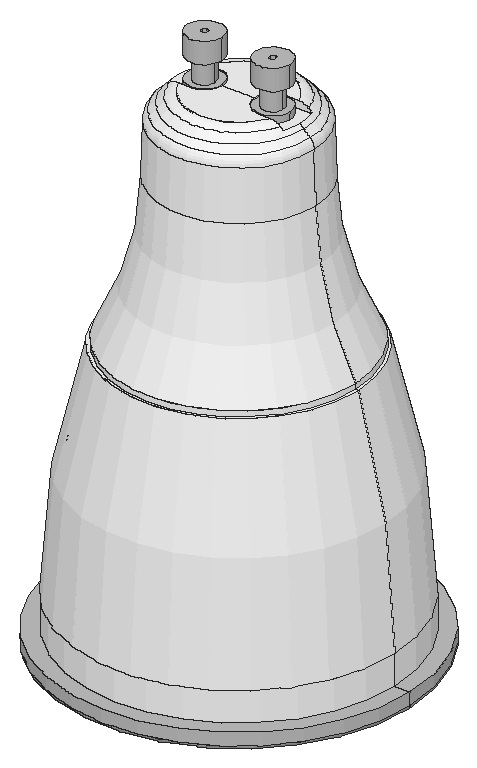
Revit family "STH7535_27", category Luminárias, Revit 2023
Family settings
  Cota do conector redondo = Utilizar diâmetro
  Tipo de parte = Normal
  Com base no plano de trabalho = Não
  Sempre na vertical = Sim
  Corte com vazios quando carregada = Não
  Fonte luminosa = Sim
  Manter orientação da anotação = Não
  Compartilhado = Não
  Ponto de cálculo do ambiente = Não
Parameters (values of type "STH7535/27 - BIVOLT - 2700K - 450lm - 36°")
  Ângulo de inclinação = 90.00°
  Ângulo de Abertura = "36°"
  Wattage = 3.02945 W
  URL = "https://stella.com.br/"
  Troca de temperatura da cor de lâmpada com esmaecimento = <Nenhum>
  Tensão Elétrica = "100V-240V"
  built-in parameter 1150107 = 2700 (stored number, unit not read)
  Temperatura da cor (K) = 2700 K
  Referência = "STH7535/27"
  Potência = 7 W
  built-in parameter 1150110 = 1 (stored number, unit not read)
  built-in parameter 1150109 = 1 (stored number, unit not read)
  built-in parameter 1114218 = 1 (stored number, unit not read)
  built-in parameter 1150112 = 1 (stored number, unit not read)
  built-in parameter 1150113 = 1 (stored number, unit not read)
  built-in parameter 1150132 = 2
  built-in parameter 1150137 = (empty or 0)
  Modelo = "Dicroica MR16 Evo - Dimerizável BDT"
  Luminoso [instance] = Luminoso - 2700
  built-in parameter 1150106 = 0.3581 (stored number, unit not read)
  built-in parameter 1150102 = (empty or 0)
  built-in parameter 1150105 = 35.81 (stored number, unit not read)
  IRC (Índice de reprodução de cores) = ">90 (R9 >50)"
  Grau de proteção (IP) = "IP20"
  Fluxo Luminoso = 450 lm
  Color Filter = 16777215
  built-in parameter 1114217 = 1 (stored number, unit not read)
  built-in parameter 1150139 = (empty or 0)
  Fabricante = "Stella"
  Estrutura [instance] = Al - Branco
  Default Elevation = 0.00 m
  built-in parameter 1150104 = 13.8 (stored number, unit not read)
  Diâmetro = 0.05 m
  Dimerização = "20-100%"
  built-in parameter 1150115 = 1 (stored number, unit not read)
  built-in parameter 1150114 = 1 (stored number, unit not read)
  Cromado [instance] = Cromado
  Lumens = 450 lm
  built-in parameter 1150138 = (empty or 0)
  built-in parameter 1150134 = (empty or 0)
  Arquivo de rede fotométrica = "STELLA - STH7535-27 - DICROICA EVO 7W BDT.ies"
  Altura = 0.078 m
  built-in parameter 1150133 = 10 (stored number, unit not read)
Reference planes (m)
  plane 1 "Centro (Frente/Trás)": y = 0
  plane 2: z = 0
  plane 3 "Centro (Esquerda/Direita)": x = 0
  plane 4: x = 0.025
  plane 5: x = -0.025
  plane 6 "Superior": z = 0.0757
  plane 7 "Base": z = -0.0023
  plane 8: y = 0.025
  plane 9: y = -0.025
Forms (m)
  Extrusion 1, solid, material "Cromado" <- "Cromado"
    sketch origin (0, 0, 0) x (1, 0, 0) y (0, 1, 0)
      loop
        circle (-0.005, 0) r 0.0015
    from 0.0699 to 0.0731
  Extrusion 2, solid, material "Cromado" <- "Cromado"
    sketch origin (0, 0, 0) x (1, 0, 0) y (0, 1, 0)
      loop
        circle (-0.005, 0) r 0.0025
    from 0.0761 to 0.0731
  Extrusion 3, solid, material "Cromado" <- "Cromado"
    sketch origin (0, 0, 0) x (-1, 0, 0) y (0, -1, 0)
      loop
        circle (-0.005, 0) r 0.0015
    from 0.0699 to 0.0731
  Extrusion 4, solid, material "Cromado" <- "Cromado"
    sketch origin (0, 0, 0) x (-1, 0, 0) y (0, -1, 0)
      loop
        circle (-0.005, 0) r 0.0025
    from 0.0761 to 0.0731
  Extrusion 5, void
    sketch origin (0, 0, 0) x (-1, 0, 0) y (0, -1, 0)
      loop
        circle (-0.005, 0) r 0.00045
    from 0.0699 to 0.0761
  Extrusion 6, void
    sketch origin (-0.002358, -0.129323, 0) x (-1, 0, 0) y (0, -1, 0)
      loop
        arc (-0.004652, -0.129323) -> (-0.005426, -0.127455) -> (-0.007295, -0.126681) r 0.002642
        line (-0.007295, -0.126681) -> (-0.011212, -0.126681)
        arc (-0.011212, -0.126681) -> (-0.011382, -0.128082) -> (-0.01143, -0.129493) r 0.016069
        arc (-0.01143, -0.129493) -> (-0.011368, -0.130733) -> (-0.011212, -0.131966) r 0.016069
        line (-0.011212, -0.131966) -> (-0.007295, -0.131966)
        arc (-0.007295, -0.131966) -> (-0.005426, -0.131192) -> (-0.004652, -0.129323) r 0.002642
    from 0.0689 to 0.0699
  Revolve 7, solid, material "Cromado" <- "Cromado"
    sketch origin (0, 0, 0) x (1, 0, 0) y (0, 0, 1)
      loop
        arc (0.015109, 0.010589) -> (0.011896, 0.018101) -> (0.007601, 0.025052) r 0.054778
        line (0.007601, 0.025052) -> (0.006653, 0.026) -> (0.005, 0.026) -> (0.004434, 0.026566) -> (0.004434, 0.027366) -> (0.0035, 0.027366) -> (0.0035, 0.026195) -> (0.0045, 0.025195) -> (0.006359, 0.025195)
        arc (0.006359, 0.025195) -> (0.013282, 0.012155) -> (0.017849, -0.001885) r 0.085222
        spline (0.017849, -0.001885) -> (0.017863, -0.001942) -> (0.017882, -0.001997) -> (0.017908, -0.002049) -> (0.01794, -0.002098) -> (0.017978, -0.002142) -> (0.01802, -0.002182) -> (0.018067, -0.002217) -> (0.018117, -0.002247) -> (0.018171, -0.00227) -> (0.018227, -0.002286) -> (0.018284, -0.002297) -> (0.018342, -0.0023)
        line (0.018342, -0.0023) -> (0.0245, -0.0023)
        arc (0.0245, -0.0023) -> (0.024854, -0.002154) -> (0.025, -0.0018) r 0.0005
        line (0.025, -0.0018) -> (0.025, 0) -> (0.0213, 0) -> (0.0213, 0.003) -> (0.0203, 0.003) -> (0.0203, 0) -> (0.018767, 0)
        arc (0.018767, 0) -> (0.017911, 0.00272) -> (0.017013, 0.005426) r 0.188404
        arc (0.017013, 0.005426) -> (0.016103, 0.008022) -> (0.015109, 0.010589) r 0.139026
      axis (0, 0.027366) -> (0, -0.0023)
    angle from 0 to 360
  Revolve 8, solid, material "Al - Branco" <- "Estrutura"
    sketch origin (0, 0, 0) x (1, 0, 0) y (0, 0, 1)
      loop
        arc (0.02275, 0.0042) -> (0.021429, 0.020759) -> (0.0175, 0.0369) r 0.104462
        line (0.0175, 0.0369) -> (0.016471, 0.0369) -> (0.017115, 0.034821)
        arc (0.017115, 0.034821) -> (0.020626, 0.019412) -> (0.021749, 0.003647) r 0.103462
        line (0.021749, 0.003647) -> (0.021749, 0) -> (0.02275, 0) -> (0.02275, 0.0042)
      axis (0, 0.0369) -> (0, 0)
    angle from 0 to 360
  Revolve 9, solid, material "Luminoso - 2700" <- "Luminoso"
    sketch origin (0, 0, 0) x (1, 0, 0) y (0, 0, 1)
      loop
        line (-0.00225, 0.0265) -> (0, 0.0265) -> (0, 0.0273) -> (-0.00225, 0.0273) -> (-0.00225, 0.0265)
      axis (0, 0.0273) -> (0, 0.0263)
    angle from 0 to 360
  Revolve 10, solid, material "Luminoso - 2700"
    sketch origin (0, 0, 0) x (1, 0, 0) y (0, 0, 1)
      loop
        line (-0.00325, 0.0268) -> (0, 0.0268) -> (0, 0.0276) -> (-0.00325, 0.0276) -> (-0.00325, 0.0268)
      axis (0, 0.0276) -> (0, 0.0266)
    angle from 0 to 360
  Revolve 11, solid, material "Al - Branco" <- "Estrutura"
    sketch origin (0, 0, 0) x (1, 0, 0) y (0, 0, 1)
      loop
        arc (0.018954, 0.027654) -> (0.01825, 0.028766) -> (0.017006, 0.0292) r 0.002
        line (0.017006, 0.0292) -> (0, 0.0292) -> (0, 0.0282) -> (0.017006, 0.0282)
        arc (0.017006, 0.0282) -> (0.017628, 0.027983) -> (0.01798, 0.027427) r 0.001
        arc (0.01798, 0.027427) -> (0.019094, 0.021981) -> (0.019911, 0.016482) r 0.102362
        arc (0.019911, 0.016482) -> (0.020003, 0.01551) -> (0.020045, 0.014534) r 0.019
        line (0.020045, 0.014534) -> (0.020211, 0.005) -> (0.021211, 0.005) -> (0.021045, 0.014551)
        arc (0.021045, 0.014551) -> (0.021, 0.015578) -> (0.020903, 0.016602) r 0.02
        arc (0.020903, 0.016602) -> (0.020079, 0.022154) -> (0.018954, 0.027654) r 0.103362
      axis (0, 0.0292) -> (0, 0.005)
    angle from 0 to 360
  Extrusion 12, solid, material "Luminoso - 2700" <- "Luminoso"
    sketch origin (0, 0, 0) x (1, 0, 0) y (0, 0, 1)
      loop
        line (0.00675, 0.0273) -> (0.00675, 0.0282) -> (-0.00675, 0.0282) -> (-0.00675, 0.0273) -> (0.00675, 0.0273)
    from -0.00675 to 0.00675
  Revolve 13, solid, material "Al - Branco" <- "Estrutura"
    sketch origin (0, 0, 0) x (1, 0, 0) y (0, 0, 1)
      loop
        arc (0.011019, 0.0661) -> (0.010858, 0.066839) -> (0.010434, 0.067466) r 0.002
        line (0.010434, 0.067466) -> (0.009513, 0.068387) -> (0.008528, 0.069339)
        arc (0.008528, 0.069339) -> (0.007887, 0.069754) -> (0.007138, 0.0699) r 0.002
        line (0.007138, 0.0699) -> (0, 0.0699) -> (0, 0.0684) -> (0.001552, 0.0684) -> (0.00655, 0.0684)
        arc (0.00655, 0.0684) -> (0.007316, 0.068248) -> (0.007964, 0.067814) r 0.002
        line (0.007964, 0.067814) -> (0.009502, 0.066277)
        arc (0.009502, 0.066277) -> (0.009928, 0.065644) -> (0.010087, 0.064898) r 0.002
        line (0.010087, 0.064898) -> (0.010192, 0.058883)
        arc (0.010192, 0.058883) -> (0.011431, 0.049131) -> (0.014748, 0.039878) r 0.045216
        line (0.014748, 0.039878) -> (0.014926, 0.0297) -> (0.015883, 0.030209) -> (0.016, 0.0369) -> (0.017041, 0.0369) -> (0.017041, 0.037681)
        arc (0.017041, 0.037681) -> (0.012775, 0.047921) -> (0.011192, 0.0589) r 0.044216
        line (0.011192, 0.0589) -> (0.011019, 0.0661)
      axis (0, 0.0699) -> (0, 0.0297)
    angle from 0 to 360
  Extrusion 14, void
    sketch origin (-0.01, 0, 0) x (-1, 0, 0) y (0, -1, 0)
      loop
        circle (-0.005, 0) r 0.00045
    from 0.0699 to 0.0761
  Extrusion 15, void
    sketch origin (0.002358, -0.129323, 0) x (1, 0, 0) y (0, 1, 0)
      loop
        arc (-0.004652, 0.129323) -> (-0.005426, 0.131192) -> (-0.007295, 0.131966) r 0.002642
        line (-0.007295, 0.131966) -> (-0.011212, 0.131966)
        arc (-0.011212, 0.131966) -> (-0.011368, 0.130733) -> (-0.01143, 0.129493) r 0.016069
        arc (-0.01143, 0.129493) -> (-0.011382, 0.128082) -> (-0.011212, 0.126681) r 0.016069
        line (-0.011212, 0.126681) -> (-0.007295, 0.126681)
        arc (-0.007295, 0.126681) -> (-0.005426, 0.127455) -> (-0.004652, 0.129323) r 0.002642
    from 0.0689 to 0.0699
  Extrusion 16, solid, material "Cromado" <- "Cromado"
    sketch origin (0, 0, 0) x (1, 0, 0) y (0, 1, 0)
      loop
        circle (-0.005, 0) r 0.0025
    from 0.0699 to 0.0689
  Extrusion 17, solid, material "Cromado" <- "Cromado"
    sketch origin (0, 0, 0) x (-1, 0, 0) y (0, -1, 0)
      loop
        circle (-0.005, 0) r 0.0025
    from 0.0699 to 0.0689
Cuts and joins
  Extrusion 5, Extrusion 14 cuts Extrusion 1
  Extrusion 5, Extrusion 14 cuts Extrusion 2
  joined: Extrusion 1, Extrusion 2
  Extrusion 5, Extrusion 14, Extrusion 15 cuts Extrusion 3
  Extrusion 5, Extrusion 14, Extrusion 15 cuts Extrusion 4
  joined: Extrusion 3, Extrusion 4
  Extrusion 6, Extrusion 14, Extrusion 15 cuts Revolve 13
Dimensions and locks (m)
  "Altura": plane 6 "Superior" to plane 7 "Base"
  "Diâmetro": plane 8 to plane 9
  aligned and locked: level to plane 2
  aligned and locked: Extrusion 1 to Extrusion 2
  aligned and locked: Extrusion 3 to Extrusion 4
  aligned and locked: Extrusion 4 to cut or joined group of Extrusion 1, Extrusion 2, Extrusion 5, Extrusion 14
  aligned and locked: cut or joined group of Extrusion 1, Extrusion 2, Extrusion 5, Extrusion 14 to Extrusion 4
Automatic sketch dimensions
  plane 1 "Centro (Frente/Trás)" to Extrusion 1 sketch curve = 0.00 m
  Extrusion 1 sketch curve to plane 3 "Centro (Esquerda/Direita)" = 0.005 m
  plane 1 "Centro (Frente/Trás)" to Extrusion 2 sketch curve = 0.00 m
  Extrusion 2 sketch curve to plane 3 "Centro (Esquerda/Direita)" = 0.005 m
  plane 1 "Centro (Frente/Trás)" to Extrusion 3 sketch curve = 0.00 m
  plane 3 "Centro (Esquerda/Direita)" to Extrusion 3 sketch curve = 0.005 m
  plane 1 "Centro (Frente/Trás)" to Extrusion 4 sketch curve = 0.00 m
  plane 3 "Centro (Esquerda/Direita)" to Extrusion 4 sketch curve = 0.005 m
  plane 1 "Centro (Frente/Trás)" to Extrusion 5 sketch curve = 0.00 m
  plane 3 "Centro (Esquerda/Direita)" to Extrusion 5 sketch curve = 0.005 m
  Extrusion 6 sketch curve to Extrusion 6 sketch curve = 0.00 m  (x4)
  plane 1 "Centro (Frente/Trás)" to Extrusion 6 sketch curve = 0.00 m  (x2)
  plane 1 "Centro (Frente/Trás)" to Extrusion 6 sketch curve = 0.002642 m
  plane 3 "Centro (Esquerda/Direita)" to Extrusion 6 sketch curve = 0.008854 m
  Extrusion 6 sketch curve to Extrusion 6 sketch curve = 0.003917 m
  Extrusion 6 sketch curve to plane 3 "Centro (Esquerda/Direita)" = 0.006996 m
  Extrusion 6 sketch curve to plane 1 "Centro (Frente/Trás)" = 0.00017 m
  Revolve 7 sketch curve to plane 3 "Centro (Esquerda/Direita)" = 0.00 m
  Revolve 7 sketch curve to plane 7 "Base" = 0.00 m
  Revolve 7 sketch curve to level = 0.00 m  (x2)
  Revolve 7 sketch curve to plane 4 = 0.00 m
  Revolve 7 sketch curve to plane 7 "Base" = 0.004837 m
  Revolve 7 sketch curve to plane 5 = 0.011722 m
  Revolve 7 sketch curve to plane 7 "Base" = 0.018832 m
  Revolve 7 sketch curve to Revolve 7 sketch curve = 0.028449 m
  Revolve 7 sketch curve to Revolve 7 sketch curve = 0.049459 m
  Revolve 7 sketch curve to Revolve 7 sketch curve = 0.046738 m
  plane 3 "Centro (Esquerda/Direita)" to Revolve 7 sketch curve = 0.0035 m
  Revolve 7 sketch curve to Revolve 7 sketch curve = 0.000934 m
  Revolve 7 sketch curve to Revolve 7 sketch curve = 0.000066 m
  Revolve 7 sketch curve to Revolve 7 sketch curve = 0.000566 m  (x2)
  Revolve 7 sketch curve to Revolve 7 sketch curve = 0.001359 m
  Revolve 7 sketch curve to Revolve 7 sketch curve = 0.000294 m
  Revolve 7 sketch curve to Revolve 7 sketch curve = 0.001242 m
  Revolve 7 sketch curve to plane 4 = 0.006658 m
  Revolve 7 sketch curve to Revolve 7 sketch curve = 0.000424 m
  Revolve 7 sketch curve to Revolve 7 sketch curve = 0.001533 m
  Revolve 7 sketch curve to Revolve 7 sketch curve = 0.001 m  (x2)
  Revolve 7 sketch curve to plane 4 = 0.0005 m
  Revolve 7 sketch curve to plane 7 "Base" = 0.036976 m
  Revolve 7 sketch curve to Revolve 7 sketch curve = 0.01593 m
  level to Revolve 7 sketch curve = 0.003 m
  level to Revolve 7 sketch curve = 0.025052 m
  Revolve 7 sketch curve to Revolve 7 sketch curve = 0.000143 m
  Revolve 7 sketch curve to Revolve 7 sketch curve = 0.000805 m
  Revolve 7 sketch curve to Revolve 7 sketch curve = 0.0008 m
  Revolve 7 sketch curve to Revolve 7 sketch curve = 0.005191 m
  Revolve 7 sketch curve to Revolve 7 sketch curve = 0.000032 m
  Revolve 7 sketch curve to Revolve 7 sketch curve = 0.003287 m
  plane 7 "Base" to Revolve 7 sketch curve = 0.000415 m
  plane 7 "Base" to Revolve 7 sketch curve = 0.0005 m
  Revolve 7 sketch curve to plane 7 "Base" = 0.002624 m
  Revolve 7 sketch curve to Revolve 7 sketch curve = 0.00271 m
  Revolve 8 sketch curve to Revolve 8 sketch curve = 0.00 m  (x2)
  Revolve 8 sketch curve to plane 3 "Centro (Esquerda/Direita)" = 0.00 m
  Revolve 8 sketch curve to level = 0.00 m
  level to Revolve 8 sketch curve = 0.0042 m
  Revolve 8 sketch curve to plane 5 = 0.056712 m
  Revolve 8 sketch curve to plane 4 = 0.008529 m
  Revolve 8 sketch curve to Revolve 8 sketch curve = 0.000644 m
  Revolve 8 sketch curve to Revolve 8 sketch curve = 0.001029 m
  plane 3 "Centro (Esquerda/Direita)" to Revolve 8 sketch curve = 0.021749 m
  Revolve 8 sketch curve to Revolve 8 sketch curve = 0.001001 m
  Revolve 8 sketch curve to Revolve 8 sketch curve = 0.000553 m
  Revolve 8 sketch curve to plane 7 "Base" = 0.004937 m
  Revolve 8 sketch curve to Revolve 8 sketch curve = 0.002978 m
  Revolve 9 sketch curve to plane 3 "Centro (Esquerda/Direita)" = 0.00 m  (x2)
  Revolve 9 sketch curve to plane 3 "Centro (Esquerda/Direita)" = 0.00225 m
  level to Revolve 9 sketch curve = 0.0265 m
  Revolve 9 sketch curve to Revolve 9 sketch curve = 0.0008 m
  Revolve 9 sketch curve to Revolve 9 sketch curve = 0.00061 m
  Revolve 9 sketch curve to Revolve 9 sketch curve = 0.000804 m
  Revolve 10 sketch curve to plane 3 "Centro (Esquerda/Direita)" = 0.00 m  (x2)
  Revolve 10 sketch curve to plane 3 "Centro (Esquerda/Direita)" = 0.00325 m
  level to Revolve 10 sketch curve = 0.0268 m
  Revolve 10 sketch curve to Revolve 10 sketch curve = 0.0008 m
  Revolve 10 sketch curve to Revolve 10 sketch curve = 0.000605 m
  Revolve 10 sketch curve to Revolve 10 sketch curve = 0.0006 m
  Revolve 11 sketch curve to Revolve 11 sketch curve = 0.00 m  (x8)
  Revolve 11 sketch curve to plane 3 "Centro (Esquerda/Direita)" = 0.00 m  (x2)
  level to Revolve 11 sketch curve = 0.0042 m
  Revolve 11 sketch curve to plane 5 = 0.056712 m
  plane 3 "Centro (Esquerda/Direita)" to Revolve 11 sketch curve = 0.001048 m
  Revolve 11 sketch curve to plane 4 = 0.007994 m
  Revolve 11 sketch curve to plane 4 = 0.004955 m
  Revolve 11 sketch curve to plane 4 = 0.004789 m
  Revolve 11 sketch curve to Revolve 11 sketch curve = 0.001 m  (x4)
  level to Revolve 11 sketch curve = 0.005 m
  level to Revolve 11 sketch curve = 0.014202 m
  Revolve 11 sketch curve to Revolve 11 sketch curve = 0.009534 m
  Revolve 11 sketch curve to Revolve 11 sketch curve = 0.000017 m
  Revolve 11 sketch curve to Revolve 11 sketch curve = 0.010718 m
  Revolve 11 sketch curve to plane 7 "Base" = 0.001729 m
  Revolve 11 sketch curve to Revolve 11 sketch curve = 0.003973 m
  Extrusion 12 sketch curve to plane 3 "Centro (Esquerda/Direita)" = 0.00675 m
  plane 3 "Centro (Esquerda/Direita)" to Extrusion 12 sketch curve = 0.00675 m
  level to Extrusion 12 sketch curve = 0.0273 m
  Extrusion 12 sketch curve to Extrusion 12 sketch curve = 0.0009 m
  Revolve 13 sketch curve to Revolve 13 sketch curve = 0.00 m  (x2)
  Revolve 13 sketch curve to plane 3 "Centro (Esquerda/Direita)" = 0.00 m  (x2)
  Revolve 13 sketch curve to Revolve 13 sketch curve = 0.001552 m
  Revolve 13 sketch curve to Revolve 13 sketch curve = 0.004998 m
  Revolve 13 sketch curve to Revolve 13 sketch curve = 0.000588 m
  Revolve 13 sketch curve to Revolve 13 sketch curve = 0.000826 m
  Revolve 13 sketch curve to Revolve 13 sketch curve = 0.001537 m  (x2)
  Revolve 13 sketch curve to Revolve 13 sketch curve = 0.001389 m
  Revolve 13 sketch curve to Revolve 13 sketch curve = 0.000932 m
  Revolve 13 sketch curve to Revolve 13 sketch curve = 0.000482 m
  Revolve 13 sketch curve to Revolve 13 sketch curve = 0.000986 m
  Revolve 13 sketch curve to Revolve 13 sketch curve = 0.000585 m  (x2)
  Revolve 13 sketch curve to Revolve 13 sketch curve = 0.000105 m
  Revolve 13 sketch curve to Revolve 13 sketch curve = 0.000921 m  (x2)
  Revolve 13 sketch curve to Revolve 13 sketch curve = 0.001 m
  Revolve 13 sketch curve to plane 4 = 0.010252 m
  Revolve 13 sketch curve to plane 4 = 0.010074 m
  Revolve 13 sketch curve to Revolve 13 sketch curve = 0.000958 m
  Revolve 13 sketch curve to Revolve 13 sketch curve = 0.001252 m
  Revolve 13 sketch curve to Revolve 13 sketch curve = 0.001041 m
  Revolve 13 sketch curve to plane 6 "Superior" = 0.016028 m
  plane 4 to Revolve 13 sketch curve = 0.030401 m
  Revolve 13 sketch curve to plane 6 "Superior" = 0.0168 m
  Revolve 13 sketch curve to Revolve 13 sketch curve = 0.000017 m
  Revolve 13 sketch curve to Revolve 13 sketch curve = 0.000781 m
  Revolve 13 sketch curve to Revolve 13 sketch curve = 0.006691 m
  Revolve 13 sketch curve to Revolve 13 sketch curve = 0.000509 m
  Revolve 13 sketch curve to Revolve 13 sketch curve = 0.00598 m
  Revolve 13 sketch curve to Revolve 13 sketch curve = 0.000035 m
  Revolve 13 sketch curve to Revolve 13 sketch curve = 0.000225 m
  Revolve 13 sketch curve to Revolve 13 sketch curve = 0.001202 m
  Revolve 13 sketch curve to Revolve 13 sketch curve = 0.001414 m
  Revolve 13 sketch curve to Revolve 13 sketch curve = 0.0005 m
  Revolve 13 sketch curve to Revolve 13 sketch curve = 0.000952 m
  Revolve 13 sketch curve to Revolve 13 sketch curve = 0.006533 m
  Revolve 13 sketch curve to plane 6 "Superior" = 0.002173 m
  plane 1 "Centro (Frente/Trás)" to Extrusion 14 sketch curve = 0.00 m
  Extrusion 14 sketch curve to plane 3 "Centro (Esquerda/Direita)" = 0.005 m
  Extrusion 15 sketch curve to Extrusion 15 sketch curve = 0.00 m  (x4)
  plane 1 "Centro (Frente/Trás)" to Extrusion 15 sketch curve = 0.00 m  (x2)
  plane 1 "Centro (Frente/Trás)" to Extrusion 15 sketch curve = 0.002642 m
  Extrusion 15 sketch curve to plane 3 "Centro (Esquerda/Direita)" = 0.008854 m
  Extrusion 15 sketch curve to Extrusion 15 sketch curve = 0.003917 m
  plane 3 "Centro (Esquerda/Direita)" to Extrusion 15 sketch curve = 0.006996 m
  Extrusion 15 sketch curve to plane 1 "Centro (Frente/Trás)" = 0.00017 m
  plane 1 "Centro (Frente/Trás)" to Extrusion 16 sketch curve = 0.00 m
  Extrusion 16 sketch curve to plane 3 "Centro (Esquerda/Direita)" = 0.005 m
  plane 1 "Centro (Frente/Trás)" to Extrusion 17 sketch curve = 0.00 m
  plane 3 "Centro (Esquerda/Direita)" to Extrusion 17 sketch curve = 0.005 m
  radius of Extrusion 1 sketch curve = 0.0015 m
  radius of Extrusion 2 sketch curve = 0.0025 m
  radius of Extrusion 3 sketch curve = 0.0015 m
  radius of Extrusion 4 sketch curve = 0.0025 m
  radius of Extrusion 5 sketch curve = 0.00045 m
  radius of Extrusion 14 sketch curve = 0.00045 m
  radius of Extrusion 16 sketch curve = 0.0025 m
  radius of Extrusion 17 sketch curve = 0.0025 m
Connectors (m)
  electrical at (0, 0, 0.0757)
    settings: index 1, voltage 0 V, apparent load 0 VA, apparent load phase1 0 VA, apparent load phase2 0 VA, apparent load phase3 0 VA, power factor 1, load classification "Outro", number of poles 1, system type 31, power factor state 1, is connector primary yes, connector utility no, sub classification motor no, connector description ""
